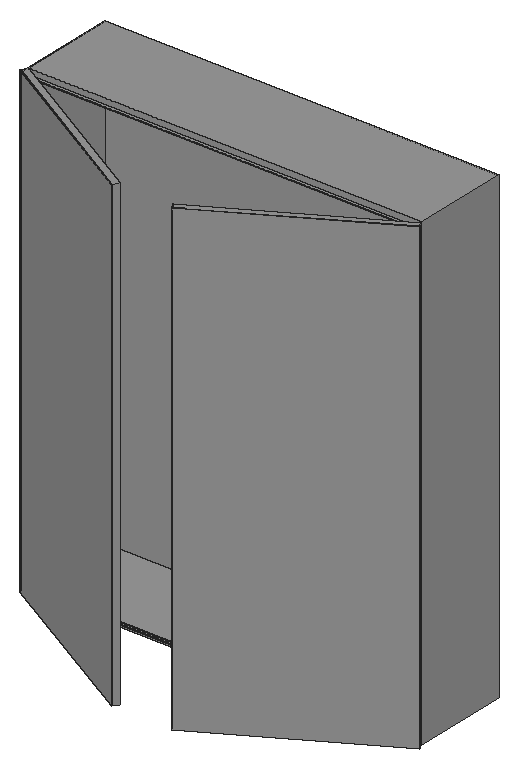
Revit family "Hager-Univers-IP55-D275-H1250-Cl.II-Steel_encl-NoHosted-FR-fr", category Electrical Equipment, Revit 2020
Family settings
  Panel Configuration = Two Columns, Circuits Across
  Round Connector Dimension = Use Diameter
  Part Type = Panelboard
  Work Plane-Based = Yes
  Always vertical = Yes
  Cut with Voids When Loaded = No
  Shared = No
  Room Calculation Point = No
Parameters (values of type "saillie IP55 L1050 H1250 P275  - FR84S")
  Width Control [instance] = if([EF000008 - largeur] > Min Width, [EF000008 - largeur], Min Width)  # 1050 mm
  Type Comments = [HG000003 - Gamme]  # "Univers"
  Thickness Door [instance] = if([EF009171 - épaisseur de matériau de la porte/du couvercle] > 3 mm, 3 mm, [EF009171 - épaisseur de matériau de la porte/du couvercle])  # 1.5 mm
  Seal Frame Offset [instance] = 17 mm  # constant formula
  Plinth Visibility [instance] = [HG000027 - Hauteur du socle] > 0 mm  # no
  Min Width [instance] = 100 mm  # constant formula
  Min Depth [instance] = (2 * [EF009170 - épaisseur de matériau du boîtier]) + 1 mm  # 4 mm
  Min Height [instance] = 100 mm  # constant formula
  Internal Frame Depth [instance] = (Door System Depth * 0.5)  # 9 mm
  Panel Name [instance] = ""  # (empty or 0)
  Model = ""
  HG000027 - Hauteur du socle = 0 mm
  HG000026 - Installation au sol = no
  HG000024 - Hauteur de la section basse = 600 mm
  HG000023 - Armoire double section = no
  HG000016 - Visibilité de la porte 3D [instance] = yes
  HG000015 - Visibilité de l'emprise de la porte [instance] = no
  HG000014 - Porte à droite [instance] = yes
  HG000013 - Porte à gauche [instance] = not([HG000014 - Porte à droite])  # no
  HG000012 - Angle de pivotement de la porte [instance] = 30.00°
  HG000010 - Portes asymétriques = no
  HG000009 - Porte à double battant = yes
  HG000006 - Encastré = no
  HG000004 - Référence fabricant = "FR84S"
  HG000003 - Gamme = "Univers"
  HG000002 - avec porte = yes
  Frame Offset Bottom [instance] = 10 mm  # constant formula
  Frame Offset [instance] = 15 mm  # constant formula
  EF015940 - couvercle avec décharge de pression = no
  EF011959 - degré de protection (NEMA) = ""
  EF009554 - nombre d'ouvertures pour plaques à bride = 8
  EF009212 - finition du couvercle = "EV000116 - fermé"
  EF009171 - épaisseur de matériau de la porte/du couvercle = 1.5 mm
  EF009170 - épaisseur de matériau du boîtier = 1.5 mm
  EF008873 - courant nominal (In) = 800 A
  EF007800 - adapté à un parafoudre = no
  EF006306 - avec serrure = no
  EF006244 - couvercle/porte transparent(e) = no
  EF005474 - indice de protection (IP) = "EV006420 - IP55"
  EF004464 - type de porte = "EV003602 - double"
  EF004427 - nombre de modules = 384
  EF004293 - indice de protection contre les chocs (IK) = "EV008784 - IK10"
  EF003532 - convient pour utilisation à l’extérieur = no
  EF002950 - largeur en nombre de modules = 24
  EF001613 - maintien de fonction = "EV000494 - sans"
  EF001596 - matériau du boîtier/corps = "EV000179 - acier"
  EF001131 - profondeur intérieure = 275 mm
  EF001088 - possibilité de montage en saillie = yes
  EF000437 - nombre d'entrées de conduit = 8
  EF000339 - type de capot = "EV004216 - porte"
  EF000266 - nombre de rangées = 8
  EF000218 - profondeur d'encastrement = 0 mm
  EF000118 - avec cadre/support de montage = no
  EF000116 - numéro RAL = "7035"
  EF000049 - profondeur = 275 mm
  EF000040 - hauteur = 1250 mm
  EF000008 - largeur = 1050 mm
  EF000007 - couleur = "EV000270 - gris"
  EF000003 - mode de pose = "EV000384 - saillie"
  Door System Leaf Tolerance [instance] = 1.5 mm  # constant formula
  Door System Depth [instance] = 18 mm  # constant formula
  Door Height [instance] = Height Control - [HG000027 - Hauteur du socle]  # 1250 mm
  Description = ""
  Default Elevation = 1219.2 mm
  Connector Offset [instance] = Height Control / 2  # 625 mm
  Manufacturer = "Hager"  # constant formula
  Height Control [instance] = if([EF000040 - hauteur] > Min Height, [EF000040 - hauteur], Min Height)  # 1250 mm
  Depth Control [instance] = if([EF000049 - profondeur] > Min Depth, [EF000049 - profondeur], Min Depth)  # 275 mm
  Bottom Top Plate Trim [instance] = 1.5 mm  # constant formula
  Plinth height Ctrl [instance] = if([HG000027 - Hauteur du socle] > 0 mm, [HG000027 - Hauteur du socle], 12 mm)  # 12 mm
Reference planes
  plane 1 "Center (Front/Back)": y = 0
  plane 2: z = 0
  plane 3 "Center (Left/Right)": x = 0
  plane 4: y = 0
  plane 5: y = 0
  plane 6: z = 0
  plane 7: x = -525
  plane 8: x = 525
  plane 9: x = 523.5
  plane 10: x = -523.5
  plane 11: z = 0
  plane 12: z = 1.5
  plane 13: y = -275
  plane 14: y = -1.5
  plane 15: x = 0
  plane 16: y = -257
  plane 17: y = -273.5
  plane 18: y = -255.5
  plane 19: x = -508.5
  plane 20: x = 508.5
  plane 21: z = 11.5
  plane 22: x = -508
  plane 23: x = 508
  plane 24: z = 0
  plane 25: z = 1250
  plane 26: z = 1250
  plane 27: z = 1233.5
  plane 28: z = 1248.5
Forms (mm)
  Extrusion 1, solid, material "Hager_Steel_RAL7035_Light_Grey", detail levels medium+fine
    sketch origin (-208.679, -4572, 0) x (-1, 0, 0) y (0, -1, 0)
      loop
        line (316.321, -4315) -> (-733.679, -4315) -> (-733.679, -4572) -> (316.321, -4572) -> (316.321, -4315)
    from 0 to 1250
  Extrusion 2, void
    sketch origin (-350.771, -275, 1219.2) x (1, 0, 0) y (0, 0, 1)
      loop
        line (-172.729, 29.3) -> (-172.729, -1217.7) -> (874.271, -1217.7) -> (874.271, 29.3) -> (-172.729, 29.3)
    from -19.5 to -273.5
  Extrusion 3, void
    sketch origin (-290.084, -257, 1219.2) x (1, 0, 0) y (0, 0, 1)
      loop
        line (-218.416, -1207.7) -> (798.584, -1207.7) -> (798.584, 14.3) -> (-218.416, 14.3) -> (-218.416, -1207.7)
    from 0 to -1.5
  Extrusion 4, solid, material "Hager_Steel_RAL7035_Light_Grey", visible <- "Plinth Visibility", detail levels medium+fine
    sketch origin (0, 0, 0) x (1, 0, 0) y (0, 1, 0)
      loop
        line (-525, 0) -> (-525, -257) -> (525, -257) -> (525, 0) -> (-525, 0)
    from 0 to 12 <- "Plinth height Ctrl"
  Extrusion 5, solid, material "Hager_Steel_RAL7035_Light_Grey", detail levels coarse
    sketch origin (0, 0, 0) x (1, 0, 0) y (0, 1, 0)
      loop
        line (-525, 0) -> (-525, -275) -> (525, -275) -> (525, 0) -> (-525, 0)
    from 0 to 1250 <- "Height Control"
  Sweep 6, void
    path in 3D
      loop
        line (-525, -257, 12) -> (525, -257, 12) -> (525, 0, 12) -> (-525, 0, 12) -> (-525, -257, 12)
    profile origin (-525, -128.5, 12) x (1, 0, 0) y (0, 0, 1)
      loop
        line (0, 0) -> (0, -1.5) -> (1.5, -1.5)
        arc (1.5, -1.5) -> (1.061, -0.439) -> (0, 0) r 1.5
  Extrusion 7, solid, material "Hager_Steel_RAL7035_Light_Grey", detail levels fine
    sketch origin (-525, -257, 0) x (1, 0, 0) y (0, 0, 1)
      loop
        line (16.5, 11.5) -> (1033.5, 11.5) -> (1033.5, 1233.5) -> (16.5, 1233.5) -> (16.5, 11.5)
      loop
        line (15, 10) -> (1035, 10) -> (1035, 1235) -> (15, 1235) -> (15, 10)
    from 0 to 9 <- "Internal Frame Depth"
Cuts and joins
  Extrusion 2, Extrusion 3 cuts Extrusion 1
  Sweep 6 cuts Extrusion 4
Lines and regions (mm)
  Masking region 1
    outline origin (0, 0, 0) x (1, 0, 0) y (0, 1, 0)
      loop
        line (-525, 0) -> (-525, -275) -> (525, -275) -> (525, 0) -> (-525, 0)
  Masking region 2, detail levels coarse
    outline origin (-290.084, -257, 1219.2) x (-1, 0, 0) y (0, 0, 1)
      loop
        line (-815.084, -1219.2) -> (234.916, -1219.2) -> (234.916, 30.8) -> (-815.084, 30.8) -> (-815.084, -1219.2)
  Masking region 3, detail levels coarse
    outline origin (0, 0, 0) x (0, 1, 0) y (0, 0, 1)
      loop
        line (0, 0) -> (0, 1250) -> (-275, 1250) -> (-275, 0) -> (0, 0)
  Masking region 4, visible <- "Plinth Visibility", detail levels medium+fine
    outline origin (0, 0, 0) x (0, 1, 0) y (0, 0, 1)
      loop
        line (-1.5, 12) -> (-255.5, 12)
        arc (-255.5, 12) -> (-255.939, 10.939) -> (-257, 10.5) r 1.5
        line (-257, 10.5) -> (-257, 0) -> (0, 0) -> (0, 10.5)
        arc (0, 10.5) -> (-1.061, 10.939) -> (-1.5, 12) r 1.5
  Masking region 5, detail levels medium+fine
    outline origin (0, 0, 594.038) x (0, 1, 0) y (0, 0, 1)
      loop
        line (0, -594.038) -> (0, 655.962) -> (-257, 655.962) -> (-257, -594.038) -> (0, -594.038)
  Masking region 6, detail levels medium+fine
    outline origin (-359.7, -257, 1211.883) x (-1, 0, 0) y (0, 0, 1)
      loop
        line (-884.7, -1211.883) -> (165.3, -1211.883) -> (165.3, 38.117) -> (-884.7, 38.117) -> (-884.7, -1211.883)
  Masking region 7, visible <- "Plinth Visibility", detail levels medium+fine
    outline origin (-320.334, -257, 1041.368) x (-1, 0, 0) y (0, 0, 1)
      loop
        line (-845.334, -1041.368) -> (204.666, -1041.368) -> (204.666, -1030.868)
        arc (204.666, -1030.868) -> (203.606, -1030.429) -> (203.166, -1029.368) r 1.5
        line (203.166, -1029.368) -> (-843.834, -1029.368)
        arc (-843.834, -1029.368) -> (-844.273, -1030.429) -> (-845.334, -1030.868) r 1.5
        line (-845.334, -1030.868) -> (-845.334, -1041.368)
  sketch lines
    curve 1: line (-525, 0, 12) -> (-525, -257, 12)
    curve 2: line (-525, -257, 12) -> (525, -257, 12)
    curve 3: line (525, 0, 12) -> (-525, 0, 12)
    curve 4: line (525, -257, 12) -> (525, 0, 12)
Dimensions and locks
  locked: plane 1 "Center (Front/Back)" to plane 5
  "EF009170 - épaisseur de matériau du boîtier": plane 7 to plane 10
  "EF009170 - épaisseur de matériau du boîtier": plane 8 to plane 9
  equal spacing: plane 7, plane 3 "Center (Left/Right)", plane 8
  "Width Control": plane 7 to plane 8
  "Depth Control": plane 4 to plane 13
  "EF009170 - épaisseur de matériau du boîtier": plane 4 to plane 14
  "Height Control": plane 25 to level
  "HG000027 - Hauteur du socle": plane 11 to level
  "EF009170 - épaisseur de matériau du boîtier": plane 12 to plane 11
  "EF009170 - épaisseur de matériau du boîtier": plane 17 to plane 13
  "EF009170 - épaisseur de matériau du boîtier": plane 18 to plane 16
  "Frame Offset Bottom": plane 21 to plane 12
  "Frame Offset": plane 10 to plane 19
  "Frame Offset": plane 9 to plane 20
  "Door System Depth": plane 16 to plane 13
  "Seal Frame Offset": plane 7 to plane 22
  "Seal Frame Offset": plane 8 to plane 23
  "EF009170 - épaisseur de matériau du boîtier": plane 26 to plane 28
  "Frame Offset": plane 28 to plane 27
  "Connector Offset": plane 2 to connector elem
  "Bottom Top Plate Trim": profile plane to Sweep 6 sketch curve
  "Bottom Top Plate Trim": Sweep 6 sketch curve to Sweep 6 sketch curve
  "Plinth height Ctrl": Masking region 4 sketch curve to level
  "Plinth height Ctrl": Masking region 7 sketch curve to level
  "Thickness Door": Extrusion 7 sketch curve to Extrusion 7 sketch curve  (x4)
  "Bottom Top Plate Trim": radius of Sweep 6 sketch curve
  "Bottom Top Plate Trim": radius of Masking region 4 sketch curve  (x2)
  "Bottom Top Plate Trim": radius of Masking region 7 sketch curve  (x2)
  aligned and locked: Extrusion 2 sketch curve to plane 12
  aligned and locked: Extrusion 2 sketch curve to plane 9
  aligned and locked: Extrusion 2 sketch curve to plane 10
  aligned and locked: Extrusion 2 to plane 14
  aligned and locked: Extrusion 1 sketch curve to plane 4
  aligned and locked: plane 8 to Extrusion 1 sketch curve
  aligned and locked: plane 7 to Extrusion 1 sketch curve
  aligned and locked: Extrusion 2 to plane 18
  aligned and locked: Extrusion 3 sketch curve to plane 19
  aligned and locked: plane 20 to Extrusion 3 sketch curve
  aligned and locked: Extrusion 3 to Extrusion 2
  aligned and locked: Extrusion 3 sketch curve to plane 21
  aligned and locked: plane 3 "Center (Left/Right)" to nested 1
  aligned and locked: Extrusion 1 sketch curve to plane 16
  aligned and locked: Extrusion 4 sketch curve to cut or joined group of Extrusion 1, Extrusion 2, Extrusion 3
  aligned and locked: Masking region 1 sketch curve to plane 7
  aligned and locked: Masking region 1 sketch curve to plane 5
  aligned and locked: Masking region 1 sketch curve to plane 8
  aligned and locked: Masking region 2 sketch curve to level
  aligned and locked: level to Masking region 3 sketch curve
  aligned and locked: plane 1 "Center (Front/Back)" to Masking region 3 sketch curve
  aligned and locked: plane 13 to Masking region 3 sketch curve
  aligned and locked: plane 5 to Masking region 4 sketch curve
  aligned and locked: Masking region 2 sketch curve to plane 8
  aligned and locked: Masking region 2 sketch curve to plane 7
  aligned and locked: plane 7 to nested 2
  aligned and locked: nested 2 to plane 5
  aligned and locked: plane 5 to Masking region 5 sketch curve
  aligned and locked: plane 26 to Masking region 5 sketch curve
  aligned and locked: Extrusion 5 sketch curve to plane 8
  aligned and locked: Extrusion 5 sketch curve to plane 7
  aligned and locked: Extrusion 5 sketch curve to plane 5
  aligned and locked: Extrusion 3 sketch curve to plane 27
  aligned and locked: Extrusion 2 sketch curve to plane 28
  aligned and locked: Masking region 2 to plane 25
  aligned and locked: Extrusion 4 to plane 16
  aligned and locked: profile plane to Sweep 6 sketch curve
  aligned and locked: Masking region 5 sketch curve to plane 24
  aligned and locked: level to Masking region 4 sketch curve
  aligned and locked: Masking region 1 to plane 13
  aligned and locked: nested 1 to plane 16
  aligned and locked: Masking region 3 to plane 25
  aligned and locked: plane 16 to Masking region 4 sketch curve
  aligned and locked: Masking region 5 sketch curve to plane 16
  aligned and locked: plane 24 to plane 11
  aligned and locked: plane 26 to plane 25
  aligned and locked: plane 26 to cut or joined group of Extrusion 1, Extrusion 2, Extrusion 3
  aligned and locked: nested 1 to plane 24
  aligned and locked: Extrusion 1 to Extrusion 3
  aligned and locked: Masking region 6 sketch curve to plane 8
  aligned and locked: Masking region 6 sketch curve to plane 24
  aligned and locked: Masking region 6 sketch curve to plane 7
  aligned and locked: Masking region 6 sketch curve to plane 26
  aligned and locked: Masking region 7 sketch curve to plane 7
  aligned and locked: level to Masking region 7 sketch curve
  aligned and locked: Masking region 7 sketch curve to plane 8
  aligned and locked: Extrusion 7 sketch curve to cut or joined group of Extrusion 1, Extrusion 2, Extrusion 3  (x4)
Automatic sketch dimensions
  plane 19 to Extrusion 3 sketch curve = 0 mm
  Extrusion 3 sketch curve to plane 20 = 0 mm
  Extrusion 3 sketch curve to plane 21 = 0 mm
  Extrusion 4 sketch curve to plane 7 = 0 mm
  Extrusion 4 sketch curve to plane 8 = 0 mm
  Extrusion 4 sketch curve to plane 16 = 0 mm
  Masking region 1 sketch curve to plane 13 = 0 mm
  Masking region 2 sketch curve to plane 25 = 0 mm
  Masking region 3 sketch curve to plane 25 = 0 mm
  Extrusion 5 sketch curve to plane 13 = 0 mm
  profile plane to Sweep 6 sketch curve = 0 mm
Nested families
  nested 1: "EC000058_Univers_Door" at (0, -257, 0), Double <- "HG000009 - Porte à double battant", Transparent <- "EF006244 - couvercle/porte transparent(e)", Angle <- "HG000012 - Angle de pivotement de la porte", Door_Right <- "HG000014 - Porte à droite", Assymetrical <- "HG000010 - Portes asymétriques", Door <- "HG000002 - avec porte", Width_Ctrl <- "Width Control", 3d_Door <- "HG000016 - Visibilité de la porte 3D", Clearance <- "HG000015 - Visibilité de l'emprise de la porte", Door_Left <- "HG000013 - Porte à gauche", Width <- "Width Control", Door_Depth <- "Door System Depth", Leaf_Tolerance <- "Door System Leaf Tolerance", Height <- "Door Height", Lock_Visibility <- "EF006306 - avec serrure", Thickness <- "Thickness Door", type "EC000058_Univers_Door", detail levels medium+fine
    with min_wh 4 mm, Width_Ctrl 1050 mm, Width 1050 mm, Transparent no, Thickness 1.5 mm, Seal_Material Hager_Rubber, Lock_Visibility no, Lock_Material Hager_Plastic_RAL9005_Jet_Black, Leaf_Width 1050 mm, Leaf_Tolerance_External_Sides 0 mm, Leaf_Tolerance 1.5 mm, Leaf_Offset 0 mm, Leaf_Height 1247 mm, Leaf_2_Width 523.5 mm, Leaf_2_Offset 262.5 mm, Leaf_1_Width 523.5 mm, Leaf_1_Offset 262.5 mm, Height_Ctrl 1250 mm, Height 1250 mm, Glass_Material Hager_Glass, Double_Clearance_Ctrl no, Double yes, Door_Right_Ctrl yes, Door_Right yes, Door_Material Hager_Steel_RAL7035_Light_Grey, Door_Left_Ctrl yes, Door_Left no, Door_Depth 18 mm, Door yes, Clearance_Material Hager_Clearance, Clearance_Depth 523.5 mm, Clearance_Ctrl no, Clearance no, Assymetrical no, Angle 30.00°, 3d_Door yes
  nested 2: "Hager_Enclosure_Symbol" at (-525, 0, 0), Height <- "Depth Control", Width <- "Width Control", type "Hager_Enclosure_Symbol"
    with Width_Ctrl 1050 mm, Width 1050 mm, Height_Ctrl 275 mm, Height 275 mm, A_Width_Int 18.047 mm, A_Width 216.562 mm, A_Height_Ctrl 240.625 mm, A_Height 240.625 mm
Connectors
  electrical at (0, 0, 625)
    settings: on plane 1 "Center (Front/Back)", index 1, voltage 0 V, apparent load 0 VA, apparent load phase1 0 VA, apparent load phase2 0 VA, apparent load phase3 0 VA, power factor 1, load classification "Other", number of poles 1, system type 30, power factor state 1, is connector primary yes, connector utility no, sub classification motor no, connector description ""
Definition of nested family "EC000058_Univers_Door"
  Parameters (values of type "EC000058_Univers_Door")
    min_wh [instance] = (2 * Thickness) + 1 mm  # 11 mm
    Width_Ctrl [instance] = 400 mm
    Width [instance] = 500 mm
    Transparent [instance] = yes
    Thickness [instance] = 5 mm
    Seal_Material [instance] = none
    Lock_Visibility [instance] = yes
    Lock_Material [instance] = none
    Leaf_Width [instance] = if((Width_Ctrl - 2 * Leaf_Tolerance_External_Sides) > 0 mm, (Width_Ctrl - 2 * Leaf_Tolerance_External_Sides), min_wh)  # 400 mm
    Leaf_Tolerance_External_Sides [instance] = 0 mm  # constant formula
    Leaf_Tolerance [instance] = 1.5 mm
    Leaf_Offset [instance] = 0 mm  # constant formula
    Leaf_Height [instance] = if((Height_Ctrl - 2 * Leaf_Tolerance) > 0 mm, (Height_Ctrl - 2 * Leaf_Tolerance), min_wh)  # 497 mm
    Leaf_2_Width [instance] = if(and(and(Double, Assymetrical), Door_Left), (Leaf_Width / 3) - (Leaf_Tolerance / 2), if(and(and(Double, Assymetrical), Door_Right), (Leaf_Width / 3) * 2 - (Leaf_Tolerance / 2), if(and(Double, not(Assymetrical)), (Leaf_Width / 2) - Leaf_Tolerance, Leaf_Width)))  # 400 mm
    Leaf_2_Offset [instance] = if(and(Double, Assymetrical), Leaf_2_Width / 2, if(and(Double, not(Assymetrical)), Leaf_Width / 4, Leaf_Width / 2))  # 200 mm
    Leaf_1_Width [instance] = if(and(and(Double, Assymetrical), Door_Right), (Leaf_Width / 3) - (Leaf_Tolerance / 2), if(and(and(Double, Assymetrical), Door_Left), (Width / 3) * 2 - (Leaf_Tolerance / 2), if(and(Double, not(Assymetrical)), (Leaf_Width / 2) - Leaf_Tolerance, Leaf_Width)))  # 400 mm
    Leaf_1_Offset [instance] = if(and(Double, Assymetrical), Leaf_1_Width / 2, if(and(Double, not(Assymetrical)), Leaf_Width / 4, Leaf_Width / 2))  # 200 mm
    Height_Ctrl [instance] = if(Height > min_wh, Height, min_wh)  # 500 mm
    Height [instance] = 500 mm
    Glass_Material [instance] = none
    Double_Clearance_Ctrl [instance] = and(Double, Clearance)  # no
    Double [instance] = no
    Door_Right_Ctrl [instance] = and(or(Door_Right, Double), Door)  # yes
    Door_Right [instance] = yes
    Door_Material [instance] = none
    Door_Left_Ctrl [instance] = and(or(Door_Left, Double), Door)  # no
    Door_Left [instance] = no
    Door_Depth [instance] = 30 mm
    Door [instance] = yes
    Default Elevation = 1219.2 mm
    Clearance_Material [instance] = none
    Clearance_Depth [instance] = if(Leaf_1_Width > Leaf_2_Width, Leaf_1_Width, Leaf_2_Width)  # 400 mm
    Clearance_Ctrl [instance] = and(not(Double), Clearance)  # yes
    Clearance [instance] = yes
    Assymetrical [instance] = yes
    Angle [instance] = 30.00°
    3d_Door [instance] = yes
  Reference planes
    plane 1 "Center (Front/Back)": y = 0
    plane 2 "Bottom": z = 0
    plane 3 "Center (Left/Right)": x = 0
    plane 4: z = 500
    plane 5: x = -200
    plane 6: x = 200
    plane 7: z = 500
    plane 8: x = -200
    plane 9: z = 0
    plane 10: x = 200
    plane 11: y = 0
    plane 12: z = 1.5
    plane 13: x = -600
    plane 14: y = -400
    plane 15: x = 600
    plane 16: x = 0
    plane 17: x = 0
    plane 18: x = -200
    plane 19: x = 200
    plane 20: z = 498.5
  Forms (mm)
    Extrusion 1, solid, material <- "Clearance_Material", visible <- "Double_Clearance_Ctrl"
      sketch origin (1200, 0, 0) x (1, 0, 0) y (0, 0, -1)
        loop
          line (-1800, -498.5) -> (-600, -498.5) -> (-600, 0) -> (-1800, 0) -> (-1800, -498.5)
      from 0 to -400
  Dimensions and locks
    equal spacing: plane 5, plane 3 "Center (Left/Right)", plane 6
    "Width_Ctrl": plane 5 to plane 6
    "Leaf_Offset": plane 5 to plane 8
    "Leaf_Offset": plane 6 to plane 10
    "Leaf_Offset": plane 9 to level
    "Leaf_Offset": plane 4 to plane 7
    "Height_Ctrl": plane 4 to level
    "Leaf_Tolerance": plane 12 to plane 9
    locked: plane 11 to plane 1 "Center (Front/Back)"
    "Leaf_1_Offset": plane 18 to plane 16
    "Leaf_2_Offset": plane 17 to plane 19
    "Leaf_1_Width": plane 13 to plane 8
    "Leaf_2_Width": plane 10 to plane 15
    "Clearance_Depth": plane 14 to plane 1 "Center (Front/Back)"
    "Leaf_Tolerance_External_Sides": plane 8 to plane 18
    "Leaf_Tolerance_External_Sides": plane 19 to plane 10
    "Leaf_Tolerance": plane 7 to plane 20
    aligned and locked: level to plane 2 "Bottom"
    aligned and locked: nested 1 to plane 16
    aligned and locked: nested 2 to plane 17
    aligned and locked: Extrusion 1 to plane 13
    aligned and locked: plane 15 to Extrusion 1
    aligned and locked: Extrusion 1 to plane 14
    aligned and locked: plane 12 to nested 1
    aligned and locked: nested 2 to plane 12
    aligned and locked: Extrusion 1 to plane 11
    aligned and locked: plane 20 to Extrusion 1
    aligned and locked: nested 2 to plane 11
    aligned and locked: nested 1 to plane 11
  Automatic sketch dimensions
    Extrusion 1 sketch curve to level = 0 mm
    plane 5 to Extrusion 1 sketch curve = 400 mm
    plane 6 to Extrusion 1 sketch curve = 400 mm
    Extrusion 1 sketch curve to plane 4 = 1.5 mm
  Nested families
    nested 1: "EC000058_Univers_Door_Leaf" at (0, 0, 1.5), Width <- "Leaf_1_Width", visible <- "Door_Left_Ctrl", Leaf_Height <- "Leaf_Height", Angle <- "Angle", 3d_Door <- "3d_Door", Transparent <- "Transparent", Clearance Material <- "Clearance_Material", Clearance <- "Clearance_Ctrl", Door_Material <- "Door_Material", Glass_Material <- "Glass_Material", Door_Depth <- "Door_Depth", Lock_Material <- "Lock_Material", Seal_Material <- "Seal_Material", Lock_Visibility <- "Lock_Visibility", Thickness <- "Thickness", type "EC000058_Univers_Door_Leaf"
      with Width 400 mm, Transparent_Glass_Offset 30 mm, Transparent_Ctrl yes, Transparent yes, Thickness 5 mm, Standard no, Seal_Material none, Seal_D2 8 mm, Seal_D1 1 mm, Offset_Internal_Frame 10 mm, Lock_Width 20 mm, Lock_Visibility_3d yes, Lock_Visibility yes, Lock_Thickness_3 3 mm, Lock_Thickness_2 1 mm, Lock_Thickness_1 3 mm, Lock_Radius_Offset_2 16 mm, Lock_Radius_Offset_1 15 mm, Lock_Radius_2 5 mm, Lock_Radius 6 mm, Lock_Offset 5 mm, Lock_Material none, Lock_Height 80 mm, Lock_Cover_Top_Offset_2d 17 mm, Lock_Cover_Height -65 mm, Leaf_Height 497 mm, Internal_Seal_Thickness 8 mm, Internal_Seal_Depth_2 4.5 mm, Internal_Frame_Depth 25 mm, Glass_Thickness -1 mm, Glass_Offset -2 mm, Glass_Material none, Door_Material none, Door_Depth 30 mm, Clearance Material none, Clearance yes, Angle_Ctrl 30.00°, Angle 30.00°, 3d_Door yes
    nested 2: "EC000058_Univers_Door_Leaf" at (0, 0, 1.5) x (-1, 0, 0) z (0, 0, 1), Width <- "Leaf_2_Width", visible <- "Door_Right_Ctrl", Leaf_Height <- "Leaf_Height", Angle <- "Angle", 3d_Door <- "3d_Door", Transparent <- "Transparent", Clearance Material <- "Clearance_Material", Clearance <- "Clearance_Ctrl", Door_Material <- "Door_Material", Glass_Material <- "Glass_Material", Door_Depth <- "Door_Depth", Lock_Material <- "Lock_Material", Seal_Material <- "Seal_Material", Lock_Visibility <- "Lock_Visibility", Thickness <- "Thickness", type "EC000058_Univers_Door_Leaf"
      with Width 400 mm, Transparent_Glass_Offset 30 mm, Transparent_Ctrl yes, Transparent yes, Thickness 5 mm, Standard no, Seal_Material none, Seal_D2 8 mm, Seal_D1 1 mm, Offset_Internal_Frame 10 mm, Lock_Width 20 mm, Lock_Visibility_3d yes, Lock_Visibility yes, Lock_Thickness_3 3 mm, Lock_Thickness_2 1 mm, Lock_Thickness_1 3 mm, Lock_Radius_Offset_2 16 mm, Lock_Radius_Offset_1 15 mm, Lock_Radius_2 5 mm, Lock_Radius 6 mm, Lock_Offset 5 mm, Lock_Material none, Lock_Height 80 mm, Lock_Cover_Top_Offset_2d 17 mm, Lock_Cover_Height -65 mm, Leaf_Height 497 mm, Internal_Seal_Thickness 8 mm, Internal_Seal_Depth_2 4.5 mm, Internal_Frame_Depth 25 mm, Glass_Thickness -1 mm, Glass_Offset -2 mm, Glass_Material none, Door_Material none, Door_Depth 30 mm, Clearance Material none, Clearance yes, Angle_Ctrl 30.00°, Angle 30.00°, 3d_Door yes
  Definition of nested family "EC000058_Univers_Door_Leaf"
    Parameters (values of type "EC000058_Univers_Door_Leaf")
      Width [instance] = 2000 mm
      Transparent_Glass_Offset [instance] = 30 mm
      Transparent_Ctrl [instance] = and(Transparent, [3d_Door])  # yes
      Transparent [instance] = yes
      Thickness [instance] = 5 mm
      Standard [instance] = and(not(Transparent), [3d_Door])  # no
      Seal_Material [instance] = none
      Seal_D2 [instance] = 8 mm  # constant formula
      Seal_D1 [instance] = 1 mm  # constant formula
      Offset_Internal_Frame [instance] = 10 mm  # constant formula
      Lock_Width [instance] = 20 mm  # constant formula
      Lock_Visibility_3d [instance] = and(Lock_Visibility, [3d_Door])  # yes
      Lock_Visibility [instance] = yes
      Lock_Thickness_3 [instance] = 3 mm  # constant formula
      Lock_Thickness_2 [instance] = 1 mm  # constant formula
      Lock_Thickness_1 [instance] = 3 mm  # constant formula
      Lock_Radius_Offset_2 [instance] = Lock_Radius_Offset_1 + 1 mm  # 16 mm
      Lock_Radius_Offset_1 [instance] = 15 mm  # constant formula
      Lock_Radius_2 [instance] = Lock_Radius - 1 mm  # 5 mm
      Lock_Radius [instance] = 6 mm  # constant formula
      Lock_Offset [instance] = 5 mm  # constant formula
      Lock_Material [instance] = none
      Lock_Height [instance] = 80 mm  # constant formula
      Lock_Cover_Top_Offset_2d [instance] = Lock_Radius_Offset_2 + 1 mm  # 17 mm
      Lock_Cover_Height [instance] = -(Lock_Height - Lock_Radius_Offset_1)  # -65 mm
      Leaf_Height [instance] = 2720.336 mm
      Internal_Seal_Thickness [instance] = 8 mm  # constant formula
      Internal_Seal_Depth_2 [instance] = 4.5 mm  # constant formula
      Internal_Frame_Depth [instance] = if(Door_Depth - Thickness > 5 mm, Door_Depth - Thickness, 5 mm)  # 25 mm
      Glass_Thickness [instance] = if(Thickness > 15 mm, Glass_Offset + 10 mm, -1 mm)  # -1 mm
      Glass_Offset [instance] = if(Thickness > 15 mm, -(Thickness + 10 mm) / 2, -2 mm)  # -2 mm
      Glass_Material [instance] = none
      Door_Material [instance] = none
      Door_Depth [instance] = 30 mm
      Default Elevation = 0 mm
      Clearance Material [instance] = none
      Clearance [instance] = yes
      Angle_Ctrl [instance] = if(Angle > 180.00°, 180.00°, Angle)  # 90.00°
      Angle [instance] = 90.00°
      3d_Door [instance] = yes
    Reference planes
      plane 1 "Center (Front/Back)": y = 0
      plane 2: z = 0
      plane 3 "Center (Left/Right)": x = 0
      plane 4: y = 2000
      plane 5: x = -1000
      plane 6: x = 1000
      plane 7: x = -3000
      plane 8: z = 2720.336
      plane 9: z = 30
      plane 10: z = 2690.336
      plane 11: x = 970
      plane 12: x = -970
      plane 13: y = -3
      plane 14: z = 107.833
      plane 15: y = -5
      plane 16: y = -223.314
      plane 17: x = -1000
      plane 18: z = 1360.168
      plane 19: y = 30
    Forms (mm)
      Extrusion 1, solid, material <- "Clearance Material", visible <- "Clearance"
        sketch origin (0, 0, 0) x (1, 0, 0) y (0, 0, 1)
          loop
            line (-3000, 2720.336) -> (-3000, 0) -> (1000, 0) -> (1000, 2720.336) -> (-3000, 2720.336)
        from 0 to -2000
      Extrusion 2, solid, material <- "Door_Material", visible <- "Standard", detail levels medium+fine
        sketch origin (-1000, 0, 0) x (0, 1, 0) y (-1, 0, 0)
          loop
            line (0, 30) -> (0, 25) -> (2000, 25) -> (2000, 30) -> (0, 30)
        from 0 to 2720.336 <- "Leaf_Height"
      Extrusion 3, solid, material <- "Door_Material", visible <- "Transparent_Ctrl", detail levels medium+fine
        sketch origin (-1000, 0, 0) x (0, 1, 0) y (-1, 0, 0)
          loop
            line (0, 25) -> (2000, 25) -> (2000, 30) -> (0, 30) -> (0, 25)
        from 0 to 2720.336 <- "Leaf_Height"
      Extrusion 4, void
        sketch origin (-1025, 2000, 0) x (0, 1, 0) y (0, 0, -1)
          loop
            line (-30, -2690.336) -> (-30, -30) -> (-1970, -30) -> (-1970, -2690.336) -> (-30, -2690.336)
        from 0 to 5 <- "Thickness"
      Sweep 5, solid, material <- "Seal_Material", visible <- "Transparent_Ctrl", detail levels fine
        path in 3D
          loop
            line (-1025, 30, 30) -> (-1025, 30, 2690.336) -> (-1025, 1970, 2690.336) -> (-1025, 1970, 30) -> (-1025, 30, 30)
        profile origin (-1025, 1000, 30) x (1, 0, 0) y (0, 0, 1)
          loop
            line (0, 0) -> (0, -8) -> (1, -8) -> (1, 0) -> (0, 0)
      Extrusion 6, solid, material <- "Glass_Material", visible <- "Transparent_Ctrl", detail levels medium+fine
        sketch origin (-1030, 0, 0) x (0, 1, 0) y (0, 0, -1)
          loop
            line (1970, -2690.336) -> (1970, -30) -> (30, -30) -> (30, -2690.336) -> (1970, -2690.336)
        from -2 <- "Glass_Offset" to -1 <- "Glass_Thickness"
      Extrusion 7, solid, material <- "Door_Material", visible <- "3d_Door", detail levels medium+fine
        sketch origin (-1025, 2000, 0) x (0, -1, 0) y (0, 0, -1)
          loop
            line (0, -2720.336) -> (2000, -2720.336) -> (2000, 0) -> (0, 0) -> (0, -2720.336)
          loop
            line (1995, -5) -> (5, -5) -> (5, -2715.336) -> (1995, -2715.336) -> (1995, -5)
        from 0 to 25 <- "Internal_Frame_Depth"
      Sweep 8, solid, material <- "Seal_Material", visible <- "Transparent_Ctrl", detail levels fine
        path in 3D
          loop
            line (-1025, 0, 0) -> (-1025, 2000, 0) -> (-1025, 2000, 2720.336) -> (-1025, 0, 2720.336) -> (-1025, 0, 0)
        profile origin (-1025, 0, 1360.168) x (1, 0, 0) y (0, 1, 0)
          loop
            line (0, 10) -> (2.975, 10)
            arc (2.975, 10) -> (4.053, 10.447) -> (4.5, 11.525) r 1.525
            line (4.5, 11.525) -> (4.5, 16.527)
            arc (4.5, 16.527) -> (4.069, 17.569) -> (3.027, 18) r 1.473
            line (3.027, 18) -> (0, 18) -> (0, 10)
      Extrusion 9, solid, material <- "Lock_Material", visible <- "Lock_Visibility_3d", detail levels fine
        sketch origin (-1030, 0, 0) x (0, 1, 0) y (0, 0, -1)
          loop
            arc (1993.5, -1400.168) -> (1994.561, -1399.729) -> (1995, -1398.668) r 1.5
            line (1995, -1398.668) -> (1995, -1320.168) -> (1975, -1320.168) -> (1975, -1398.668)
            arc (1975, -1398.668) -> (1975.439, -1399.729) -> (1976.5, -1400.168) r 1.5
            line (1976.5, -1400.168) -> (1993.5, -1400.168)
        from 3 <- "Lock_Thickness_1" to 0
      Blend 10, solid, material <- "Lock_Material", visible <- "Lock_Visibility_3d", detail levels fine
        base sketch origin (-1033, 0, 0) x (0, 1, 0) y (0, 0, -1)
          loop
            line (1975, -1320.168) -> (1975, -1398.668)
            arc (1975, -1398.668) -> (1975.439, -1399.729) -> (1976.5, -1400.168) r 1.5
            line (1976.5, -1400.168) -> (1993.5, -1400.168)
            arc (1993.5, -1400.168) -> (1994.561, -1399.729) -> (1995, -1398.668) r 1.5
            line (1995, -1398.668) -> (1995, -1320.168) -> (1975, -1320.168)
        top sketch origin (-1033, 0, 0) x (0, 1, 0) y (0, 0, -1)
          loop
            line (1976, -1320.168) -> (1976, -1398.668)
            arc (1976, -1398.668) -> (1976.146, -1399.022) -> (1976.5, -1399.168) r 0.5
            line (1976.5, -1399.168) -> (1993.5, -1399.168)
            arc (1993.5, -1399.168) -> (1993.854, -1399.022) -> (1994, -1398.668) r 0.5
            line (1994, -1398.668) -> (1994, -1320.168) -> (1976, -1320.168)
        from 0 to 1 <- "Lock_Thickness_2"
      Blend 11, solid, material <- "Lock_Material", visible <- "Lock_Visibility_3d", detail levels fine
        base sketch origin (-1034, 0, 0) x (0, 1, 0) y (0, 0, -1)
          loop
            line (1978, -1320.168) -> (1978, -1384.168)
            arc (1978, -1384.168) -> (1985, -1391.168) -> (1992, -1384.168) r 7
            line (1992, -1384.168) -> (1992, -1320.168) -> (1978, -1320.168)
        top sketch origin (-1034, 0, 0) x (0, 1, 0) y (0, 0, -1)
          loop
            line (1991, -1320.168) -> (1979, -1320.168) -> (1979, -1383.168)
            arc (1979, -1383.168) -> (1985, -1389.168) -> (1991, -1383.168) r 6
            line (1991, -1383.168) -> (1991, -1320.168)
        from 0 to 3 <- "Lock_Thickness_3"
      Extrusion 12, solid, material <- "Lock_Material", visible <- "Lock_Visibility_3d", detail levels fine
        sketch origin (-1030, 1975, 1320.168) x (1, 0, 0) y (0, -1, 0)
          loop
            line (-7, -19) -> (-7, -1) -> (0, -1) -> (0, 0) -> (-8, 0) -> (-8, -20) -> (0, -20) -> (0, -19) -> (-7, -19)
        from 0 to -65 <- "Lock_Cover_Height"
      Extrusion 13, void
        sketch origin (-1038, 1995, 1320.168) x (-1, 0, 0) y (0, 0, -1)
          loop
            line (-5, -65) -> (0, -65) -> (-5, -60) -> (-5, -65)
        from 0 to 20 <- "Lock_Width"
      Extrusion 14, void
        sketch origin (-1038, 1975, 1320.168) x (0, -1, 0) y (0, 0, -1)
          loop
            circle (-10, -15.995) r 6
          loop
            circle (-10, -15.995) r 5
        from 0 to 2
      Extrusion 15, solid, material <- "Lock_Material", visible <- "Lock_Visibility_3d", detail levels medium
        sketch origin (-1030, 0, 0) x (0, 1, 0) y (0, 0, -1)
          loop
            arc (1993.5, -1400.168) -> (1994.561, -1399.729) -> (1995, -1398.668) r 1.5
            line (1995, -1398.668) -> (1995, -1320.168) -> (1975, -1320.168) -> (1975, -1398.668)
            arc (1975, -1398.668) -> (1975.439, -1399.729) -> (1976.5, -1400.168) r 1.5
            line (1976.5, -1400.168) -> (1993.5, -1400.168)
        from 8 to 0
    Cuts and joins
      Extrusion 4 cuts Extrusion 3
      Extrusion 13, Extrusion 14 cuts Extrusion 9
      Extrusion 14 cuts Blend 11
      Extrusion 13, Extrusion 14 cuts Extrusion 12
      joined: Extrusion 9, Blend 10, Blend 11, Extrusion 12
      Extrusion 14 cuts Extrusion 15
    Lines and regions (mm)
      Masking region 1, visible <- "Lock_Visibility", detail levels fine
        outline origin (0, 0, 0) x (0, 1, 0) y (0, 0, 1)
          loop
            line (30, 1320.168) -> (33, 1320.168) -> (33, 1400.168) -> (30, 1400.168) -> (30, 1320.168)
      Masking region 2, visible <- "Lock_Visibility", detail levels fine
        outline origin (0, 3.143, 0) x (0, 1, 0) y (0, 0, 1)
          loop
            line (29.857, 1354.168) -> (30.857, 1354.168) -> (30.857, 1366.168) -> (29.857, 1366.168) -> (29.857, 1354.168)
      Masking region 3, detail levels medium+fine
        outline origin (0, 0, 0) x (0, 1, 0) y (0, 0, 1)
          loop
            line (0, 0) -> (30, 0) -> (30, 2720.336) -> (0, 2720.336) -> (0, 0)
      Masking region 4, detail levels medium+fine
        outline origin (0, 0, 0) x (1, 0, 0) y (0, 0, 1)
          loop
            line (-1000, 2720.336) -> (-1000, 0) -> (1000, 0) -> (1000, 2720.336) -> (-1000, 2720.336)
      Masking region 5, visible <- "Lock_Visibility", detail levels fine
        outline origin (-47.116, 0, 0) x (1, 0, 0) y (0, 0, 1)
          loop
            arc (1024.616, 1399.168) -> (1023.556, 1398.729) -> (1023.116, 1397.668) r 1.5
            line (1023.116, 1397.668) -> (1023.116, 1320.168) -> (1041.116, 1320.168) -> (1041.116, 1397.668)
            arc (1041.116, 1397.668) -> (1040.677, 1398.729) -> (1039.616, 1399.168) r 1.5
            line (1039.616, 1399.168) -> (1024.616, 1399.168)
      Masking region 6, visible <- "Lock_Visibility", detail levels medium+fine
        outline origin (-25, 0, 0) x (1, 0, 0) y (0, 0, 1)
          loop
            arc (1001.5, 1400.168) -> (1000.439, 1399.729) -> (1000, 1398.668) r 1.5
            line (1000, 1398.668) -> (1000, 1320.168) -> (1020, 1320.168) -> (1020, 1398.668)
            arc (1020, 1398.668) -> (1019.561, 1399.729) -> (1018.5, 1400.168) r 1.5
            line (1018.5, 1400.168) -> (1001.5, 1400.168)
      Masking region 7, visible <- "Lock_Visibility", detail levels fine
        outline origin (-73.735, 0, 0) x (1, 0, 0) y (0, 0, 1)
          loop
            line (1051.735, 1382.168) -> (1065.735, 1382.168) -> (1065.735, 1384.168)
            arc (1065.735, 1384.168) -> (1058.735, 1391.168) -> (1051.735, 1384.168) r 7
            line (1051.735, 1384.168) -> (1051.735, 1382.168)
      Masking region 8, visible <- "Lock_Visibility", detail levels fine
        outline origin (-73.735, 0, 0) x (1, 0, 0) y (0, 0, 1)
          loop
            line (1052.735, 1382.168) -> (1064.735, 1382.168) -> (1064.735, 1383.168)
            arc (1064.735, 1383.168) -> (1058.735, 1389.168) -> (1052.735, 1383.168) r 6
            line (1052.735, 1383.168) -> (1052.735, 1382.168)
      Masking region 9, visible <- "Lock_Visibility", detail levels fine
        outline origin (-25, 0, 0) x (1, 0, 0) y (0, 0, 1)
          loop
            line (1020, 1320.168) -> (1020, 1382.168) -> (1000, 1382.168) -> (1000, 1320.168) -> (1020, 1320.168)
      Masking region 10, detail levels medium+fine
        outline origin (0, 0, 0) x (1, 0, 0) y (0, 0, 1)
          loop
            circle (985, 1335.144) r 6
      Masking region 11, detail levels fine
        outline origin (0, 0, 0) x (1, 0, 0) y (0, 0, 1)
          loop
            circle (985, 1335.144) r 5
      Masking region 12, visible <- "Lock_Visibility", detail levels fine
        outline origin (0, 12.767, 0) x (0, 1, 0) y (0, 0, 1)
          loop
            line (20.233, 1320.168) -> (21.233, 1320.168) -> (21.233, 1399.168) -> (20.233, 1400.168) -> (20.233, 1320.168)
      Masking region 13, visible <- "Lock_Visibility", detail levels fine
        outline origin (0, 13.767, -10) x (0, 1, 0) y (0, 0, 1)
          loop
            line (20.233, 1330.168) -> (23.233, 1330.168) -> (23.233, 1399.168) -> (20.233, 1402.168) -> (20.233, 1330.168)
      Masking region 14, visible <- "Lock_Visibility", detail levels fine
        outline origin (0, 12.767, -10) x (0, 1, 0) y (0, 0, 1)
          loop
            line (20.233, 1330.168) -> (25.233, 1330.168) -> (25.233, 1399.305) -> (20.233, 1394.305) -> (20.233, 1330.168)
      Masking region 15, visible <- "Lock_Visibility", detail levels medium
        outline origin (0, 0, 0) x (0, 1, 0) y (0, 0, 1)
          loop
            line (30, 1320.168) -> (38, 1320.168) -> (38, 1400.168) -> (30, 1400.168) -> (30, 1320.168)
      Masking region 16, visible <- "Lock_Visibility", detail levels fine
        outline origin (-1000, 0, 0) x (0, 1, 0) y (-1, 0, 0)
          loop
            line (1975, 30) -> (1995, 30) -> (1995, 38) -> (1975, 38) -> (1975, 30)
          loop
            line (1979, 37) -> (1976, 37) -> (1976, 34) -> (1978, 34) -> (1979, 37)
          loop
            line (1994, 37) -> (1991, 37) -> (1992, 34) -> (1994, 34) -> (1994, 37)
      Masking region 17, visible <- "Lock_Visibility", detail levels medium
        outline origin (-1000, 0, 0) x (0, 1, 0) y (-1, 0, 0)
          loop
            line (1975, 30) -> (1995, 30) -> (1995, 38) -> (1975, 38) -> (1975, 30)
      symbolic lines
        curve 1: line (1000, 0, 0) -> (-3000, 0, 0)
        curve 2: arc (1000, 0, 0) -> (-1000, 2000, 0) -> (-3000, 0, 0) r 2000
        curve 4: line (-1030, 0, 0) -> (-1030, 2000, 0)
      reference lines
        curve 3: line (-1000, 0, 0) -> (-1000, 2000, 0)
      symbolic lines, detail levels medium+fine
        curve 5: line (-1030, 2000, 0) -> (-1025, 2000, 0)
        curve 7: line (-1025, 0, 0) -> (-1030, 0, 0)
        curve 8: line (-1025, 0, 0) -> (-1000, 0, 0)
        curve 9: line (-1000, 0, 0) -> (-1000, 2000, 0)
        curve 10: line (-1000, 2000, 0) -> (-1025, 2000, 0)
      symbolic lines, detail levels fine
        curve 6: line (-1025, 2000, 0) -> (-1025, 0, 0)
      sketch lines
        curve 11: line (-1025, 0, 2720.336) -> (-1025, 0, 0)
        curve 12: line (-1025, 2000, 0) -> (-1025, 0, 0)
        curve 13: line (-1025, 2000, 2720.336) -> (-1025, 2000, 0)
        curve 14: line (-1025, 0, 2720.336) -> (-1025, 2000, 2720.336)
        curve 15: line (-1025, 1970, 30) -> (-1025, 30, 30)
        curve 16: line (-1025, 30, 30) -> (-1025, 30, 2690.336)
        curve 17: line (-1025, 1970, 2690.336) -> (-1025, 1970, 30)
        curve 18: line (-1025, 30, 2690.336) -> (-1025, 1970, 2690.336)
      symbolic lines, visible <- "Transparent", detail levels medium+fine
        curve 19: line (-970, 0, 2690.336) -> (970, 0, 2690.336)
        curve 20: line (-970, 0, 30) -> (-970, 0, 2690.336)
        curve 21: line (970, 0, 30) -> (-970, 0, 30)
        curve 22: line (970, 0, 2690.336) -> (970, 0, 30)
    Dimensions and locks
      "Width": plane 1 "Center (Front/Back)" to plane 4
      equal spacing: plane 5, plane 3 "Center (Left/Right)", plane 6
      "Width": plane 5 to plane 6
      "Width": plane 7 to plane 5
      "Leaf_Height": plane 8 to level
      "Width": curve 5 to curve 3
      "Width": curve 3 to curve 3
      plane 8 to plane 10 = 30 mm
      plane 9 to level = 30 mm
      plane 12 to plane 5 = 30 mm
      plane 6 to plane 11 = 30 mm
      Extrusion 1 to Extrusion 4 sketch curve = 30 mm
      "Transparent_Glass_Offset": curve 3 to Extrusion 4 sketch curve
      "Transparent_Glass_Offset": Extrusion 4 sketch curve to cut or joined group of Extrusion 3, Extrusion 4  (x2)
      cut or joined group of Extrusion 3, Extrusion 4 to Extrusion 6 sketch curve = 30 mm
      "Transparent_Glass_Offset": cut or joined group of Extrusion 3, Extrusion 4 to Extrusion 4 sketch curve
      "Thickness": curve 6 to curve 4
      "Thickness": Extrusion 7 sketch curve to Extrusion 7 sketch curve  (x4)
      "Door_Depth": curve 4 to curve 3
      "Offset_Internal_Frame": profile plane to Sweep 8 sketch curve
      "Internal_Seal_Thickness": Sweep 8 sketch curve to Sweep 8 sketch curve
      "Internal_Seal_Depth_2": profile plane to Sweep 8 sketch curve
      "Seal_D1": profile plane to Sweep 5 sketch curve
      "Seal_D2": profile plane to Sweep 5 sketch curve
      "Thickness": Extrusion 2 sketch curve to Extrusion 2 sketch curve
      equal spacing: Extrusion 9 sketch curve, plane 18, Extrusion 9 sketch curve  (x2)
      equal spacing: Masking region 1 sketch curve, plane 18, Masking region 1 sketch curve
      "Lock_Height": Masking region 1 sketch curve to Masking region 1 sketch curve
      "Lock_Radius": Masking region 2 sketch curve to plane 18 to Masking region 2 sketch curve
      Masking region 2 sketch curve to Masking region 1 = 1 mm
      "Door_Depth": plane 19 to plane 1 "Center (Front/Back)"
      "Lock_Thickness_1": Masking region 1 sketch curve to plane 19
      "Lock_Width": Extrusion 9 sketch curve to Extrusion 9 sketch curve
      "Lock_Height": Extrusion 9 sketch curve to Extrusion 9 sketch curve
      "Lock_Offset": cut or joined group of Extrusion 3, Extrusion 4 to Extrusion 9 sketch curve
      equal spacing: plane 8, plane 18, level
      "Lock_Radius_Offset_1": Blend 11 sketch curve to Blend 10
      locked: Blend 10 to Blend 11 sketch curve at 2  (x2)
      locked: var sketch to Blend 11 sketch curve at 1  (x2)
      "Lock_Radius_Offset_2": Blend 11 sketch curve to Blend 10
      locked: Extrusion 12 sketch curve to Extrusion 12 sketch curve at 1  (x3)
      Masking region 6 sketch curve to Masking region 6 sketch curve = 80 mm
      "Lock_Height": Masking region 6 sketch curve to Masking region 6 sketch curve
      "Lock_Width": Masking region 6 sketch curve to Masking region 6 sketch curve
      locked: Masking region 6 to Masking region 5 sketch curve at 1  (x3)
      locked: Masking region 5 to Masking region 7 sketch curve at 2  (x2)
      "Lock_Radius_Offset_1": Masking region 5 to Masking region 7 sketch curve
      "Lock_Radius_Offset_2": Masking region 5 to Masking region 8 sketch curve
      locked: Masking region 7 to Masking region 8 sketch curve at 1  (x2)
      "Lock_Cover_Top_Offset_2d": Masking region 5 to Masking region 9 sketch curve
      equal spacing: Masking region 9, Masking region 10 sketch curve, Masking region 9
      equal spacing: Masking region 9, Masking region 11 sketch curve, Masking region 9
      Extrusion 15 sketch curve to Extrusion 15 sketch curve = 80 mm
      "Lock_Width": Extrusion 15 sketch curve to Extrusion 15 sketch curve
      "Lock_Height": Extrusion 15 sketch curve to Extrusion 15 sketch curve
      equal spacing: Extrusion 15 sketch curve, plane 18, Extrusion 15 sketch curve
      "Lock_Thickness_3": Masking region 13 sketch curve to Masking region 13 sketch curve
      "Lock_Height": Masking region 12 sketch curve to Masking region 12 sketch curve
      locked: Masking region 13 sketch curve to Masking region 1 at 8
      locked: Masking region 14 sketch curve to Masking region 13 at 1
      locked: Masking region 14 sketch curve to Masking region 1 at 10.863
      "Lock_Height": Masking region 15 sketch curve to Masking region 15 sketch curve
      "Lock_Offset": Extrusion 15 sketch curve to cut or joined group of Extrusion 3, Extrusion 4
      "Lock_Offset": plane 6 to Masking region 6 sketch curve
      radius of Sweep 8 sketch curve = 1.525 mm
      radius of Sweep 8 sketch curve = 1.473 mm
      radius of Extrusion 9 sketch curve = 1.5 mm  (x2)
      "Lock_Radius": radius of Extrusion 14 sketch curve
      "Lock_Radius_2": radius of Extrusion 14 sketch curve
      "Lock_Radius": radius of Masking region 10 sketch curve
      "Lock_Radius_2": radius of Masking region 11 sketch curve
      radius of Extrusion 15 sketch curve = 1.5 mm  (x2)
      "Angle_Ctrl": angle plane 1 "Center (Front/Back)" to curve 3
      locked: Masking region 12 sketch curve to Masking region 12 sketch curve (angle 45.00°)
      locked: Masking region 13 sketch curve to Masking region 13 sketch curve (angle 45.00°)
      locked: Masking region 14 sketch curve to Masking region 14 sketch curve (angle 45.00°)
      aligned and locked: level to plane 2
      aligned and locked: Extrusion 1 to curve 1
      aligned and locked: plane 6 to Extrusion 1
      aligned and locked: Extrusion 1 to plane 1 "Center (Front/Back)"
      aligned and locked: plane 4 to Extrusion 1
      aligned and locked: plane 8 to Extrusion 1
      aligned and locked: curve 7 to Extrusion 2 sketch curve
      aligned and locked: curve 5 to Extrusion 2 sketch curve
      aligned and locked: curve 7 to Extrusion 3 sketch curve
      aligned and locked: Extrusion 3 sketch curve to curve 4
      aligned and locked: Extrusion 3 sketch curve to curve 6
      aligned and locked: Extrusion 3 sketch curve to curve 5
      aligned and locked: curve 9 to curve 3
      aligned and locked: Extrusion 7 sketch curve to cut or joined group of Extrusion 3, Extrusion 4  (x4)
      aligned and locked: plane 17 to curve 3
      aligned and locked: plane 1 "Center (Front/Back)" to curve 3
      aligned and locked: plane 17 to plane 5
      aligned and locked: Sweep 8 sketch curve to profile plane
      aligned and locked: Sweep 5 sketch curve to profile plane  (x2)
      aligned and locked: Masking region 1 to Masking region 2 sketch curve
      aligned and locked: plane 19 to Masking region 1 sketch curve
      aligned and locked: plane 1 "Center (Front/Back)" to Masking region 3 sketch curve
      aligned and locked: plane 19 to Masking region 3 sketch curve
      aligned and locked: level to Masking region 3 sketch curve
      aligned and locked: Masking region 3 sketch curve to plane 8
      aligned and locked: plane 17 to Masking region 4 sketch curve
      aligned and locked: level to Masking region 4 sketch curve
      aligned and locked: Masking region 4 sketch curve to plane 8
      aligned and locked: plane 12 to curve 20
      aligned and locked: plane 10 to curve 19
      aligned and locked: plane 11 to curve 22
      aligned and locked: curve 21 to plane 9
      aligned and locked: Extrusion 2 sketch curve to cut or joined group of Extrusion 3, Extrusion 4
      aligned and locked: Blend 10 sketch curve to Extrusion 9  (x4)
      aligned and locked: Extrusion 9 to Blend 10 sketch curve
      aligned and locked: Blend 10 to Blend 11 sketch curve
      aligned and locked: Extrusion 12 sketch curve to Blend 11
      aligned and locked: Extrusion 12 sketch curve to Extrusion 9  (x4)
      aligned and locked: Masking region 5 sketch curve to Masking region 6
      aligned and locked: Masking region 9 sketch curve to Masking region 6  (x3)
      aligned and locked: Masking region 12 sketch curve to Masking region 1
      aligned and locked: Masking region 13 sketch curve to Masking region 1
      aligned and locked: Masking region 12 to Masking region 14
      aligned and locked: Masking region 14 sketch curve to Masking region 1
      aligned and locked: Masking region 15 sketch curve to Masking region 14
      aligned and locked: Masking region 13 sketch curve to Masking region 12
      aligned and locked: Masking region 16 sketch curve to cut or joined group of Extrusion 14, Extrusion 15  (x4)
      aligned and locked: Masking region 16 sketch curve to cut or joined group of Extrusion 9, Blend 10, Blend 11, Extrusion 12, Extrusion 13, Extrusion 14  (x6)
      aligned and locked: cut or joined group of Extrusion 9, Blend 10, Blend 11, Extrusion 12, Extrusion 13, Extrusion 14 to Masking region 16 sketch curve
      aligned and locked: Masking region 17 sketch curve to cut or joined group of Extrusion 14, Extrusion 15  (x3)
      aligned and locked: Masking region 17 sketch curve to cut or joined group of Extrusion 9, Blend 10, Blend 11, Extrusion 12, Extrusion 13, Extrusion 14
      aligned and locked: Masking region 9 to Masking region 8 sketch curve
      aligned and locked: Masking region 9 to Masking region 7 sketch curve
    Automatic sketch dimensions
      plane 1 "Center (Front/Back)" to curve 2 = 0 mm
      curve 2 to plane 5 = 0 mm
      Extrusion 1 sketch curve to level = 0 mm
      Extrusion 1 sketch curve to plane 7 = 0 mm
      Extrusion 1 sketch curve to plane 6 = 0 mm
      Extrusion 1 sketch curve to plane 8 = 0 mm
      Extrusion 3 to Extrusion 6 sketch curve = 30 mm  (x4)
      Masking region 4 sketch curve to plane 6 = 0 mm
      Blend 10 sketch curve to Extrusion 9 = 1.5 mm
      Blend 10 sketch curve to Extrusion 9 = 1 mm
      Extrusion 13 sketch curve to Extrusion 12 = 0 mm  (x2)
      Extrusion 12 to Extrusion 13 sketch curve = 3 mm
      Extrusion 13 sketch curve to Extrusion 12 = 5 mm
      Extrusion 14 sketch curve to Extrusion 14 sketch curve = 0 mm  (x2)
      Extrusion 14 sketch curve to Extrusion 12 = 10 mm
      Extrusion 14 sketch curve to Extrusion 12 = 15.995 mm
      Masking region 5 sketch curve to Masking region 5 sketch curve = 1.5 mm  (x2)
      Masking region 10 sketch curve to plane 18 = 25.024 mm
      Masking region 11 sketch curve to plane 18 = 25.024 mm
      plane 19 to Masking region 14 sketch curve = 3 mm
      Masking region 16 sketch curve to Masking region 16 sketch curve = 3 mm
      curve 4 to curve 3 = 0 mm
      Blend 10 to Blend 11 sketch curve = 0 mm
      Masking region 6 sketch curve to Masking region 6 sketch curve = 1.5 mm  (x2)
      Masking region 6 sketch curve to plane 18 = 40 mm
      plane 19 to Masking region 12 sketch curve = 3 mm
      Masking region 12 sketch curve to Masking region 12 sketch curve = 1 mm
      Masking region 15 sketch curve to plane 19 = 0 mm
      Masking region 15 sketch curve to plane 18 = 40 mm
      radius of Blend 10 sketch curve to Extrusion 9 = 1 mm
Definition of nested family "Hager_Enclosure_Symbol"
  Parameters (values of type "Hager_Enclosure_Symbol")
    Width_Ctrl [instance] = if(Width > 1 mm, Width, 1 mm)  # 102.27 mm
    Width [instance] = 102.27 mm
    Height_Ctrl [instance] = if(Height > 1 mm, Height, 1 mm)  # 66.5 mm
    A_Width_Int [instance] = if(A_Width / 12 > 2 mm, A_Width / 12, 2 mm)  # 4.364 mm
    A_Width [instance] = if(A_Height_Ctrl * 0.9 > 2 mm, A_Height_Ctrl * 0.9, 2 mm)  # 52.369 mm
    A_Height_Ctrl [instance] = if(A_Height > 2 mm, A_Height, 2 mm)  # 58.188 mm
    Height [instance] = 66.5 mm
    A_Height [instance] = Height - (Height / 8)  # 58.188 mm
  Reference planes
    plane 1 "Centre (avant/arrière)": y = 0
    plane 2: z = 0
    plane 3 "Centre (gauche/droite)": x = 0
    plane 4: x = 52.369
    plane 5: y = 33.042
    plane 6: y = 41.77
    plane 7: y = 66.5
    plane 8: x = 26.184
    plane 9: y = 37.406
    plane 10: x = 102.27
    plane 11: y = 66.5
    plane 12: y = 8.313
  Lines and regions (mm)
    Filled region 1, type "Solid_Black", in view "Niveau de réf."
      outline origin (0, 0, 0) x (1, 0, 0) y (0, 1, 0)
        loop
          line (52.369, 66.5) -> (33.188, 54.536) -> (45.365, 45.006) -> (52.369, 66.5)
    Filled region 2, type "Solid_Black", in view "Niveau de réf."
      outline origin (0, 0, 0) x (1, 0, 0) y (0, 1, 0)
        loop
          line (0, 0) -> (102.27, 0) -> (102.27, 66.5) -> (0, 0)
    detail lines, in view "Niveau de réf."
      curve 1: line (0, 8.313, 0) -> (26.184, 41.77, 0)
      curve 2: line (26.184, 41.77, 0) -> (26.184, 33.042, 0)
      curve 3: line (26.184, 33.042, 0) -> (52.369, 66.5, 0)
  Dimensions and locks
    "A_Width": plane 3 "Centre (gauche/droite)" to plane 4
    equal spacing: plane 3 "Centre (gauche/droite)", plane 8, plane 4
    equal spacing: plane 6, plane 9, plane 5
    equal spacing: curve 3, Filled region 1 sketch curve, Filled region 1 sketch curve
    "Height_Ctrl": plane 1 "Centre (avant/arrière)" to plane 11
    "A_Height_Ctrl": plane 11 to plane 12
    equal spacing: plane 11, plane 9, plane 12
    "A_Width_Int": plane 6 to plane 9
    "Width_Ctrl": plane 3 "Centre (gauche/droite)" to plane 10
    angle Filled region 1 sketch curve to curve 3 = 20.00°
    angle curve 3 to Filled region 1 sketch curve = 20.00°
    locked: curve 3 to Filled region 1 sketch curve (angle 90.00°)
    aligned and locked: plane 10 to Filled region 2
    aligned and locked: plane 11 to Filled region 2 sketch curve
    aligned and locked: plane 10 to Filled region 2 sketch curve
    aligned and locked: plane 3 "Centre (gauche/droite)" to curve 1
    aligned and locked: plane 12 to curve 1
    aligned and locked: plane 7 to plane 11
  Automatic sketch dimensions
    Filled region 1 sketch curve to plane 4 = 0 mm
    Filled region 1 sketch curve to plane 7 = 0 mm
    plane 1 "Centre (avant/arrière)" to Filled region 2 sketch curve = 0 mm
    Filled region 2 sketch curve to plane 3 "Centre (gauche/droite)" = 0 mm
    curve 2 to plane 6 = 0 mm
    curve 2 to plane 8 = 0 mm
    curve 3 to plane 4 = 0 mm
    curve 2 to plane 5 = 0 mm
    curve 3 to plane 7 = 0 mm
